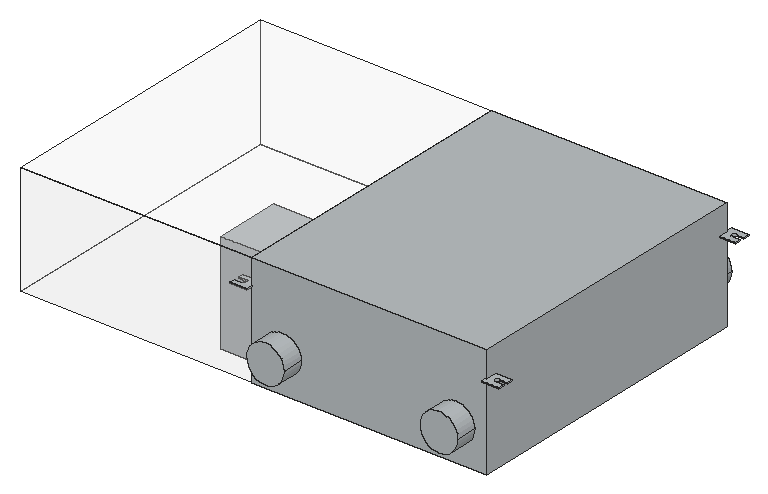
Revit family "lgh-n15_100rx4(d)_60Hz", category 機械設備, Revit 2019
Family settings
  丸型コネクタ寸法 = 直径を使用
  パーツ タイプ = 標準
  OmniClass 番号 = 23.75.10.34.21
  OmniClass タイトル = Heat Exchangers for Ventilation Air
  作業面ベース = いいえ
  常に垂直 = はい
  ロード時にボイドで切り取り = いいえ
  共有 = いいえ
  部屋計算ポイント = はい
Parameters (values of type "LGH-N15RX4")
  騒音レベル(dB(A)) = 29
  風量 = 150.0 m³/h
  面風速 = 5.31 m/s
  電源種別 [instance] = "一般"
  電圧 = 100 V
  電動機出力 = 0 W
  集中コントローラ = ""
  運転質量 = 0.00 kg
  連動 [instance] = ""
  質量 = if(製品質量 > 運転質量, 製品質量, 運転質量) * 1.2  # 26.40 kg
  負荷分類 = 3_ファン類
  説明 = "業務用ロスナイ 天井埋込形"
  設計風量 = 0.0 m³/h
  設置方法 = "天井吊(隠ぺい)形"
  記号 [instance] = ""
  製造元 = "MITSIBISHI ELECTRIC"
  製品質量 = 22.00 kg
  製品出荷対象 = "国内"
  製品リリース年月 = "2023/5/15"
  製品グループ = ""
  系統 [instance] = ""
  符号 = "HEU"
  積算_科目 = "1 空気調和設備"
  積算_拾い区分 [instance] = ""
  相 = 1
  盤記号 [instance] = ""
  発停方法 [instance] = ""
  特殊仕様 [instance] = ""
  点検口高さ = -Height  # -289 mm
  点検口離隔 = 150 mm
  点検口_Depth = 450 mm
  点検口 = yes
  火災停止 [instance] = ""
  温度交換効率 = 74.00%
  消費電力 = 120 W
  法定耐用年数 = "15"
  機外静圧_排気 = 170.0 Pa
  機外静圧 = 170.0 Pa
  極数 = 2
  材質 [instance] = ""
  本体マテリアル = 溶融亜鉛めっき鋼板
  操作・制御方式 = ""
  操作・制御スイッチ = ""
  排気量 = 0.0 m³/h
  形式 = "天井埋込ダクト形"
  幹線記号 [instance] = ""
  対象室 [instance] = ""
  実風量 = 0.0 m³/h
  始動方式 [instance] = "直入"
  天吊金具_径 = 13 mm
  天吊金具_幅 = 20 mm
  外気量 = 設計風量  # 0.0 m³/h
  呼称 = "全熱交換ユニット"
  周波数 = 60 Hz
  天吊金具ピッチ2 = 768 mm
  天吊金具ピッチ1 = 658 mm
  天吊金具_高さ = 65 mm
  参照している仕様書等のバージョン = "公共建築工事標準仕様書（機械設備工事編）平成31年度版"
  初期抵抗 = 0.0 Pa
  分類コード = "50052504100070"
  分類グループ = ""
  価格 = 274000
  企業コード = "108420"
  付属品_フィルター_還気 = ""
  付属品_フィルター = ""
  付属品 [instance] = ""
  仕様書バージョン = "Version1.0"
  モデル = "LGH-N15RX4"
  メンテナンススペース = yes
  ダクト径 = 100 mm
  コメント [instance] = ""
  Keynote = ""
  エンタルピ交換効率_暖房 = 75.50%
  エンタルピ交換効率_冷房 = 64.50%
  Assembly Code = ""
  Width = 610 mm
  Version = ""
  Uniclass2015Version = "Systems v1.9"
  Uniclass2015Title = "Thermal wheels"
  Uniclass2015Code = "Pr_60_60_36_88"
  URL = "https://www.mitsubishielectric.co.jp/ldg/wink/qr/002/324469/"
  SpecificationReference = ""
  SpecificationDescription = ""
  SMAX風量 = 0.0 m³/h
  SMAX静圧 = 0.0 Pa
  SAサイズ_D = 97.5 mm
  Revision = ""
  RAサイズ_D = 97.5 mm
  ProductInformation = ""
  OmniClassCode = "23-27 23 19 11"
  OAダクト接続口方向_標準 = yes
  OAダクト接続口方向_変更 = not(OAダクト接続口方向_標準)  # no
  OAサイズ_W = 0 mm
  OAサイズ_D = 97.5 mm
  MIN風量 = 75.0 m³/h
  MIN静圧 = 42.0 Pa
  MID風量 = 95.0 m³/h
  MID静圧 = 68.0 Pa
  MAX風量 = 150.0 m³/h
  MAX静圧 = 170.0 Pa
  IfcTypeProduct = ""
  IfcProduct = ""
  IfcExportType = "ROTARYWHEEL"
  IfcExportAs = "IfcAirToAirHeatRecoveryType"
  Height = 289 mm
  EAダクト接続口方向_変更 = not(EAダクト接続口方向_標準)  # no
  EAダクト接続口方向_標準 = yes
  EAサイズ_W = 0 mm
  EAサイズ_D = 97.5 mm
  Duct_Pitch = 450 mm
  Duct_Height = 194.5 mm
  Duct_Depth = 54 mm
  DuctChange_Center = 119 mm
  Depth = 780 mm
  Clearance Top = 0 mm
  Clearance Left = 600 mm
  Clearance Bottom = 0 mm
  Box_Width = 115 mm
  Box_Height = 262 mm
  Box_H = 10 mm
  Box_Depth = 172 mm
  Box_D = 45 mm
  Author = "MITSUBISHI ELECTRIC"
Types (14, lengths in mm): name | 騒音レベル(dB(A)) | 風量 | 面風速 | 電圧 | 質量 | 製品質量 | 点検口高さ | 温度交換効率 | 消費電力 | 機外静圧_排気 | 機外静圧 | 極数 | 天吊金具ピッチ2 | 天吊金具ピッチ1 | 天吊金具_高さ | 参照している仕様書等のバージョン | 価格 | モデル | ダクト径 | エンタルピ交換効率_暖房 | エンタルピ交換効率_冷房 | Width | URL | SMAX風量 | SMAX静圧 | SAサイズ_D | RAサイズ_D | OAサイズ_D | MIN風量 | MIN静圧 | MID風量 | MID静圧 | MAX風量 | MAX静圧 | Height | EAサイズ_D | Duct_Pitch | Duct_Height | Duct_Depth | DuctChange_Center | Depth | Box_H | Box_D
  LGH-N15RX4 | 29 | 150.0 m³/h | 5.31 m/s | 100 V | 26.40 kg | 22.00 kg | -289 | 74.00% | 120 W | 170.0 Pa | 170.0 Pa | 2 | 768 | 658 | 65 | "公共建築工事標準仕様書（機械設備工事編）平成31年度版" | 274000 | "LGH-N15RX4" | 100 | 75.50% | 64.50% | 610 | "https://www.mitsubishielectric.co.jp/ldg/wink/qr/002/324469/" | 0.0 m³/h | 0.0 Pa | 97.5 | 97.5 | 97.5 | 75.0 m³/h | 42.0 Pa | 95.0 m³/h | 68.0 Pa | 150.0 m³/h | 170.0 Pa | 289 | 97.5 | 450 | 194.5 | 54 | 119 | 780 | 10 | 45
  LGH-N15RX4D | 29 | 150.0 m³/h | 5.31 m/s | 200 V | 26.40 kg | 22.00 kg | -289 | 74.00% | 126 W | 170.0 Pa | 170.0 Pa | 3 | 768 | 658 | 65 | "公共建築工事標準仕様書（機械設備工事編）平成31年度版" | 274000 | "LGH-N15RX4D" | 100 | 75.50% | 64.50% | 610 | "https://www.mitsubishielectric.co.jp/ldg/wink/qr/002/324470/" | 0.0 m³/h | 0.0 Pa | 97.5 | 97.5 | 97.5 | 80.0 m³/h | 48.0 Pa | 95.0 m³/h | 68.0 Pa | 150.0 m³/h | 170.0 Pa | 289 | 97.5 | 450 | 194.5 | 54 | 119 | 780 | 10 | 45
  LGH-N25RX4 | 30 | 250.0 m³/h | 3.93 m/s | 100 V | 27.60 kg | 23.00 kg | -289 | 70.00% | 142 W | 135.0 Pa | 135.0 Pa | 2 | 768 | 782 | 65 | "公共建築工事標準仕様書（機械設備工事編）平成31年度版" | 298000 | "LGH-N25RX4" | 150 | 73.00% | 63.00% | 735 | "https://www.mitsubishielectric.co.jp/ldg/wink/qr/002/324472/" | 0.0 m³/h | 0.0 Pa | 142 | 142 | 142 | 120.0 m³/h | 31.0 Pa | 145.0 m³/h | 45.0 Pa | 250.0 m³/h | 135.0 Pa | 289 | 142 | 530 | 174.5 | 64 | 102 | 780 | 10 | 45
  LGH-N25RX4D | 30 | 250.0 m³/h | 3.93 m/s | 200 V | 27.60 kg | 23.00 kg | -289 | 70.00% | 142 W | 135.0 Pa | 135.0 Pa | 3 | 768 | 782 | 65 | "公共建築工事標準仕様書（機械設備工事編）平成31年度版" | 298000 | "LGH-N25RX4D" | 150 | 73.00% | 63.00% | 735 | "https://www.mitsubishielectric.co.jp/ldg/wink/qr/002/324473/" | 0.0 m³/h | 0.0 Pa | 142 | 142 | 142 | 110.0 m³/h | 26.0 Pa | 160.0 m³/h | 55.0 Pa | 250.0 m³/h | 135.0 Pa | 289 | 142 | 530 | 174.5 | 64 | 102 | 780 | 10 | 45
  LGH-N35RX4 | 31.5 | 350.0 m³/h | 5.5 m/s | 100 V | 38.40 kg | 32.00 kg | -331 | 71.50% | 243 W | 230.0 Pa | 230.0 Pa | 2 | 875 | 921 | 85 | "公共建築工事標準仕様書（機械設備工事編）平成31年度版" | 329000 | "LGH-N35RX4" | 150 | 76.00% | 64.00% | 874 | "https://www.mitsubishielectric.co.jp/ldg/wink/qr/002/324474/" | 350.0 m³/h | 230.0 Pa | 142 | 142 | 142 | 145.0 m³/h | 30.0 Pa | 195.0 m³/h | 54.0 Pa | 350.0 m³/h | 175.0 Pa | 331 | 142 | 650 | 220.5 | 64 | 124 | 888 | 57.3 | 51.2
  LGH-N35RX4D | 32.5 | 350.0 m³/h | 5.5 m/s | 200 V | 38.40 kg | 32.00 kg | -331 | 71.50% | 225 W | 230.0 Pa | 230.0 Pa | 3 | 875 | 921 | 85 | "公共建築工事標準仕様書（機械設備工事編）平成31年度版" | 329000 | "LGH-N35RX4D" | 150 | 76.00% | 64.00% | 874 | "https://www.mitsubishielectric.co.jp/ldg/wink/qr/002/324475/" | 350.0 m³/h | 230.0 Pa | 142 | 142 | 142 | 155.0 m³/h | 34.0 Pa | 205.0 m³/h | 60.0 Pa | 350.0 m³/h | 175.0 Pa | 331 | 142 | 650 | 220.5 | 64 | 124 | 888 | 57.3 | 51.2
  LGH-N50RX4 | 35 | 500.0 m³/h | 4.42 m/s | 100 V | 43.20 kg | 36.00 kg | -331 | 71.00% | 315 W | 240.0 Pa | 240.0 Pa | 2 | 875 | 1063 | 85 | "公共建築工事標準仕様書（機械設備工事編）平成31年度版" | 403000 | "LGH-N50RX4" | 200 | 73.00% | 63.00% | 1016 | "https://www.mitsubishielectric.co.jp/ldg/wink/qr/002/324476/" | 500.0 m³/h | 240.0 Pa | 192 | 192 | 192 | 205.0 m³/h | 30.0 Pa | 340.0 m³/h | 83.0 Pa | 500.0 m³/h | 180.0 Pa | 331 | 192 | 745 | 195.5 | 79 | 124 | 888 | 57.3 | 51.2
  LGH-N50RX4D | 36 | 500.0 m³/h | 4.42 m/s | 200 V | 43.20 kg | 36.00 kg | -331 | 71.00% | 310 W | 240.0 Pa | 240.0 Pa | 3 | 875 | 1063 | 85 | "公共建築工事標準仕様書（機械設備工事編）平成31年度版" | 403000 | "LGH-N50RX4D" | 200 | 73.00% | 63.00% | 1016 | "https://www.mitsubishielectric.co.jp/ldg/wink/qr/002/324477/" | 500.0 m³/h | 240.0 Pa | 192 | 192 | 192 | 230.0 m³/h | 38.0 Pa | 300.0 m³/h | 65.0 Pa | 500.0 m³/h | 180.0 Pa | 331 | 192 | 745 | 195.5 | 79 | 124 | 888 | 57.3 | 51.2
  LGH-N65RX4 | 38 | 650.0 m³/h | 5.75 m/s | 100 V | 57.60 kg | 48.00 kg | -404 | 71.50% | 505 W | 255.0 Pa | 255.0 Pa | 2 | 895 | 1001 | 70 | "公共建築工事標準仕様書（機械設備工事編）平成31年度版" | 542000 | "LGH-N65RX4" | 200 | 72.00% | 63.00% | 954 | "https://www.mitsubishielectric.co.jp/ldg/wink/qr/002/324478/" | 650.0 m³/h | 255.0 Pa | 192 | 192 | 192 | 300.0 m³/h | 45.0 Pa | 430.0 m³/h | 92.0 Pa | 650.0 m³/h | 210.0 Pa | 404 | 192 | 692 | 242 | 79 | 124 | 908 | 71.3 | 44.3
  LGH-N65RX4D | 38.5 | 650.0 m³/h | 5.75 m/s | 200 V | 57.60 kg | 48.00 kg | -404 | 71.50% | 515 W | 255.0 Pa | 255.0 Pa | 3 | 895 | 1001 | 70 | "公共建築工事標準仕様書（機械設備工事編）平成31年度版" | 542000 | "LGH-N65RX4D" | 200 | 72.00% | 63.00% | 954 | "https://www.mitsubishielectric.co.jp/ldg/wink/qr/002/324479/" | 650.0 m³/h | 255.0 Pa | 192 | 192 | 192 | 320.0 m³/h | 51.0 Pa | 470.0 m³/h | 110.0 Pa | 650.0 m³/h | 210.0 Pa | 404 | 192 | 692 | 242 | 79 | 124 | 908 | 71.3 | 44.3
  LGH-N80RX4 | 35.5 | 800.0 m³/h | 4.53 m/s | 100 V | 69.60 kg | 58.00 kg | -404 | 73.00% | 550 W | 250.0 Pa | 250.0 Pa | 2 | 1131 | 1051 | 77 | "公共建築工事標準仕様書（機械設備工事編）平成31年度版" | 646000 | "LGH-N80RX4" | 250 | 75.00% | 65.00% | 1004 | "https://www.mitsubishielectric.co.jp/ldg/wink/qr/002/324480/" | 800.0 m³/h | 250.0 Pa | 242 | 242 | 242 | 340.0 m³/h | 33.0 Pa | 580.0 m³/h | 95.0 Pa | 800.0 m³/h | 180.0 Pa | 404 | 242 | 690 | 242 | 79 | 165 | 1144 | 125 | 144
  LGH-N80RX4D | 35.5 | 800.0 m³/h | 4.53 m/s | 200 V | 69.60 kg | 58.00 kg | -404 | 73.00% | 520 W | 250.0 Pa | 250.0 Pa | 3 | 1131 | 1051 | 77 | "公共建築工事標準仕様書（機械設備工事編）平成31年度版" | 646000 | "LGH-N80RX4D" | 250 | 75.00% | 65.00% | 1004 | "https://www.mitsubishielectric.co.jp/ldg/wink/qr/002/324481/" | 800.0 m³/h | 250.0 Pa | 242 | 242 | 242 | 350.0 m³/h | 34.0 Pa | 580.0 m³/h | 95.0 Pa | 800.0 m³/h | 180.0 Pa | 404 | 242 | 690 | 242 | 79 | 165 | 1144 | 125 | 144
  LGH-N100RX4 | 37 | 1000.0 m³/h | 5.66 m/s | 100 V | 76.80 kg | 64.00 kg | -404 | 73.00% | 695 W | 220.0 Pa | 220.0 Pa | 2 | 1131 | 1278 | 77 | "" | 737000 | "LGH-N100RX4" | 250 | 75.00% | 65.00% | 1231 | "https://www.mitsubishielectric.co.jp/ldg/wink/qr/002/324466/" | 1000.0 m³/h | 220.0 Pa | 242 | 242 | 242 | 420.0 m³/h | 25.0 Pa | 680.0 m³/h | 65.0 Pa | 1000.0 m³/h | 140.0 Pa | 404 | 242 | 917 | 242 | 79 | 165 | 1144 | 125 | 144
  LGH-N100RX4D | 37 | 1000.0 m³/h | 5.66 m/s | 200 V | 76.80 kg | 64.00 kg | -404 | 73.00% | 695 W | 220.0 Pa | 220.0 Pa | 3 | 1131 | 1278 | 77 | "" | 737000 | "LGH-N100RX4D" | 250 | 75.00% | 65.00% | 1231 | "https://www.mitsubishielectric.co.jp/ldg/wink/qr/002/324467/" | 1000.0 m³/h | 220.0 Pa | 242 | 242 | 242 | 365.0 m³/h | 19.0 Pa | 680.0 m³/h | 65.0 Pa | 1000.0 m³/h | 140.0 Pa | 404 | 242 | 917 | 242 | 79 | 165 | 1144 | 125 | 144
Reference planes
  plane 1 "中心(正面/背面)": y = 0
  plane 2: z = 0
  plane 3 "中心(左/右)": x = 0
  plane 4: x = -305
  plane 5: x = 305
  plane 6: y = 390
  plane 7: y = -390
  plane 8: z = -289
  plane 9: z = -194.5
  plane 10: x = -225
  plane 11: x = 225
  plane 12: y = -444
  plane 13: y = 444
  plane 14: y = 271
  plane 15: x = -359
  plane 16: x = 359
  plane 17: x = -905
  plane 18: y = -345
  plane 19: y = -173
  plane 20: z = -10
  plane 21: z = -272
  plane 22: x = -420
  plane 23: x = -455
  plane 24: y = 225
  plane 25: x = -329
  plane 26: x = 329
  plane 27: y = 384
  plane 28: y = -384
  plane 29: y = -225
  plane 30: x = -349
  plane 31: y = 404
  plane 32: y = 364
  plane 33: y = -364
  plane 34: y = -404
  plane 35: z = -5
  plane 36: z = -65
  plane 37: z = -68
  plane 38: x = 349
  plane 39: z = 0
  plane 40: z = -289
Forms (mm)
  Extrusion 1, solid, material "溶融亜鉛めっき鋼板" <- "本体マテリアル", detail levels fine
    sketch origin (0, 0, 0) x (1, 0, 0) y (0, 1, 0)
      loop
        line (-305, 390) -> (-305, -390) -> (305, -390) -> (305, 390) -> (-305, 390)
    from 0 to -289
  Extrusion 2, solid, material "溶融亜鉛めっき鋼板" <- "本体マテリアル", detail levels fine
    sketch origin (510, -445, 0) x (-1, 0, 0) y (0, 0, -1)
      loop
        circle (285, 194.5) r 48.75
    from -55 to -1
  Extrusion 3, solid, material "溶融亜鉛めっき鋼板" <- "本体マテリアル", detail levels fine
    sketch origin (-305, -390, 0) x (0, 1, 0) y (0, 0, -1)
      loop
        line (217, 10) -> (217, 272) -> (45, 272) -> (45, 10) -> (217, 10)
    from 0 to 115
  Extrusion 4, solid, material "溶融亜鉛めっき鋼板" <- "本体マテリアル", detail levels fine
    sketch origin (0, 0, 0) x (1, 0, 0) y (0, 1, 0)
      loop
        line (-349, 404) -> (-349, 390.5) -> (-329, 390.5)
        arc (-329, 390.5) -> (-322.5, 384) -> (-329, 377.5) r 6.5
        line (-329, 377.5) -> (-349, 377.5) -> (-349, 364) -> (-305, 364) -> (-305, 404) -> (-349, 404)
    from -65 to -68
  Extrusion 5, solid, material "溶融亜鉛めっき鋼板" <- "本体マテリアル", detail levels fine
    sketch origin (0, 0, 0) x (1, 0, 0) y (0, 1, 0)
      loop
        line (-349, -404) -> (-305, -404) -> (-305, -364) -> (-349, -364) -> (-349, -377.5) -> (-329, -377.5)
        arc (-329, -377.5) -> (-322.5, -384) -> (-329, -390.5) r 6.5
        line (-329, -390.5) -> (-349, -390.5) -> (-349, -404)
    from -65 to -68
  Extrusion 6, solid, material "溶融亜鉛めっき鋼板" <- "本体マテリアル", detail levels fine
    sketch origin (0, 0, 0) x (-1, 0, 0) y (0, -1, 0)
      loop
        line (-349, 404) -> (-349, 390.5) -> (-329, 390.5)
        arc (-329, 390.5) -> (-322.5, 384) -> (-329, 377.5) r 6.5
        line (-329, 377.5) -> (-349, 377.5) -> (-349, 364) -> (-305, 364) -> (-305, 404) -> (-349, 404)
    from -65 to -68
  Extrusion 7, solid, material "溶融亜鉛めっき鋼板" <- "本体マテリアル", detail levels fine
    sketch origin (0, 0, 0) x (-1, 0, 0) y (0, -1, 0)
      loop
        line (-349, -404) -> (-305, -404) -> (-305, -364) -> (-349, -364) -> (-349, -377.5) -> (-329, -377.5)
        arc (-329, -377.5) -> (-322.5, -384) -> (-329, -390.5) r 6.5
        line (-329, -390.5) -> (-349, -390.5) -> (-349, -404)
    from -65 to -68
  Extrusion 8, solid, material "溶融亜鉛めっき鋼板" <- "本体マテリアル", visible <- "EAダクト接続口方向_標準", detail levels fine
    sketch origin (510, 445, 0) x (-1, 0, 0) y (0, 0, 1)
      loop
        circle (285, -194.5) r 48.75
    from -55 to -1
  Extrusion 9, solid, material "溶融亜鉛めっき鋼板" <- "本体マテリアル", visible <- "OAダクト接続口方向_標準", detail levels fine
    sketch origin (-510, 445, 0) x (1, 0, 0) y (0, 0, -1)
      loop
        circle (285, 194.5) r 48.75
    from -55 to -1
  Extrusion 10, solid, material "溶融亜鉛めっき鋼板" <- "本体マテリアル", detail levels fine
    sketch origin (-510, -445, 0) x (1, 0, 0) y (0, 0, 1)
      loop
        circle (285, -194.5) r 48.75
    from -55 to -1
  Extrusion 11, solid, material "溶融亜鉛めっき鋼板" <- "本体マテリアル", visible <- "EAダクト接続口方向_変更", detail levels fine
    sketch origin (0, 0, 0) x (0, 1, 0) y (0, 0, 1)
      loop
        circle (271, -194.5) r 48.75
    from 305 to 359
  Extrusion 12, solid, material "溶融亜鉛めっき鋼板" <- "本体マテリアル", visible <- "OAダクト接続口方向_変更", detail levels fine
    sketch origin (0, 0, 0) x (0, 1, 0) y (0, 0, -1)
      loop
        circle (271, 194.5) r 48.75
    from 305 to 359
Lines and regions (mm)
  Masking region 1, detail levels coarse+medium
    outline origin (1326.5, 29, 0) x (1, 0, 0) y (0, 1, 0)
      loop
        line (-1631.5, 361) -> (-1631.5, -419) -> (-1021.5, -419) -> (-1021.5, 361) -> (-1631.5, 361)
  symbolic lines, detail levels coarse+medium
    curve 1: line (0, 390, 0) -> (-305, 0, 0)
    curve 2: line (-305, 0, 0) -> (0, -390, 0)
    curve 3: line (0, -390, 0) -> (305, 0, 0)
    curve 4: line (305, 0, 0) -> (0, 390, 0)
Dimensions and locks
  equal spacing: plane 4, plane 3 "中心(左/右)", plane 5
  "Width": plane 4 to plane 5
  equal spacing: plane 6, plane 1 "中心(正面/背面)", plane 7
  "Depth": plane 6 to plane 7
  "Height": level to plane 8
  "Duct_Height": level to plane 9
  equal spacing: plane 11, plane 3 "中心(左/右)", plane 10
  "Duct_Pitch": plane 11 to plane 10
  "Duct_Depth": plane 13 to plane 6
  "Duct_Depth": plane 7 to plane 12
  "DuctChange_Center": plane 6 to plane 14
  "Duct_Depth": plane 5 to plane 16
  "Duct_Depth": plane 15 to plane 4
  "Clearance Left": plane 17 to plane 4
  "Box_H": level to plane 20
  "Box_Height": plane 20 to plane 21
  "Box_D": plane 18 to plane 7
  "Box_Depth": plane 19 to plane 18
  "Box_Width": plane 22 to plane 4
  "点検口離隔": plane 23 to plane 4
  equal spacing: plane 25, plane 3 "中心(左/右)", plane 26
  "天吊金具ピッチ1": plane 25 to plane 26
  equal spacing: plane 27, plane 1 "中心(正面/背面)", plane 28
  "天吊金具ピッチ2": plane 27 to plane 28
  equal spacing: plane 24, plane 1 "中心(正面/背面)", plane 29
  "点検口_Depth": plane 24 to plane 29
  equal spacing: plane 31, plane 27, plane 32
  locked: plane 31 to plane 32 at 40
  "天吊金具_幅": plane 30 to plane 25
  "天吊金具_高さ": level to plane 36
  locked: plane 36 to plane 37 at 3
  equal spacing: plane 33, plane 28, plane 34
  locked: plane 33 to plane 34 at 40
  "天吊金具_幅": plane 26 to plane 38
  "Clearance Top": plane 39 to level
  "Clearance Bottom": plane 8 to plane 40
  "RAサイズ_D": diameter of Extrusion 2 sketch curve
  "EAサイズ_D": diameter of Extrusion 8 sketch curve
  "OAサイズ_D": diameter of Extrusion 9 sketch curve
  "SAサイズ_D": diameter of Extrusion 10 sketch curve
  "EAサイズ_D": diameter of Extrusion 11 sketch curve
  "EAサイズ_D": diameter of Extrusion 12 sketch curve
  "天吊金具_径": diameter of Extrusion 7 sketch curve
  "天吊金具_径": diameter of Extrusion 4 sketch curve
  "天吊金具_径": diameter of Extrusion 5 sketch curve
  "天吊金具_径": diameter of Extrusion 6 sketch curve
  aligned and locked: level to plane 2
  aligned and locked: Extrusion 1 to plane 8
  aligned and locked: plane 7 to Extrusion 2
  aligned and locked: Extrusion 2 to plane 12
  aligned and locked: plane 17 to nested 1
  aligned and locked: plane 4 to nested 1
  aligned and locked: nested 1 to plane 6
  aligned and locked: nested 1 to plane 7
  aligned and locked: Extrusion 3 to plane 22
  aligned and locked: plane 4 to Extrusion 3
  aligned and locked: Masking region 1 to plane 4
  aligned and locked: plane 5 to Masking region 1
  aligned and locked: plane 6 to Masking region 1
  aligned and locked: Masking region 1 to plane 7
  aligned and locked: plane 26 to nested 2
  aligned and locked: plane 25 to nested 2
  aligned and locked: nested 2 to plane 28
  aligned and locked: plane 27 to nested 2
  aligned and locked: Extrusion 3 to plane 19
  aligned and locked: Extrusion 3 to plane 21
  aligned and locked: plane 20 to Extrusion 3
  aligned and locked: plane 18 to Extrusion 3
  aligned and locked: plane 23 to nested 3
  aligned and locked: plane 17 to nested 3
  aligned and locked: plane 24 to nested 3
  aligned and locked: nested 3 to plane 29
  aligned and locked: plane 4 to Extrusion 4
  aligned and locked: Extrusion 4 to plane 30  (x2)
  aligned and locked: plane 31 to Extrusion 4
  aligned and locked: Extrusion 4 to plane 36
  aligned and locked: Extrusion 4 to plane 37
  aligned and locked: plane 4 to Extrusion 5
  aligned and locked: plane 33 to Extrusion 5
  aligned and locked: Extrusion 5 to plane 34
  aligned and locked: Extrusion 5 to plane 30  (x2)
  aligned and locked: Extrusion 5 to Extrusion 4  (x2)
  aligned and locked: Extrusion 7 to plane 38  (x2)
  aligned and locked: Extrusion 7 to plane 32
  aligned and locked: plane 31 to Extrusion 7
  aligned and locked: Extrusion 6 to plane 38
  aligned and locked: Extrusion 6 to plane 34
  aligned and locked: Extrusion 6 to plane 5
  aligned and locked: plane 33 to Extrusion 6
  aligned and locked: Extrusion 6 to plane 37
  aligned and locked: plane 36 to Extrusion 6
  aligned and locked: Extrusion 7 to plane 37
  aligned and locked: plane 36 to Extrusion 7
  aligned and locked: plane 13 to Extrusion 8
  aligned and locked: Extrusion 8 to plane 6
  aligned and locked: plane 13 to Extrusion 9
  aligned and locked: Extrusion 9 to plane 6
  aligned and locked: Extrusion 10 to plane 12
  aligned and locked: plane 7 to Extrusion 10
  aligned and locked: plane 16 to Extrusion 11
  aligned and locked: Extrusion 11 to plane 5
  aligned and locked: plane 4 to Extrusion 12
  aligned and locked: Extrusion 12 to plane 15
  aligned and locked: Extrusion 7 sketch curve to Extrusion 7 sketch curve
  aligned and locked: plane 38 to Extrusion 7 sketch curve
  aligned and locked: plane 25 to Extrusion 4 sketch curve
  aligned and locked: plane 30 to Extrusion 5 sketch curve
  aligned and locked: plane 26 to Extrusion 6 sketch curve
  aligned and locked: plane 40 to nested 1
  aligned and locked: plane 39 to nested 1
Automatic sketch dimensions
  plane 1 "中心(正面/背面)" to curve 1 = 0 mm
  curve 1 to plane 4 = 0 mm
  curve 2 to plane 3 "中心(左/右)" = 0 mm
  curve 4 to plane 3 "中心(左/右)" = 0 mm
  plane 1 "中心(正面/背面)" to curve 4 = 0 mm
  curve 4 to plane 5 = 0 mm
  curve 2 to plane 7 = 0 mm
  curve 4 to plane 6 = 0 mm
  Extrusion 1 sketch curve to plane 4 = 0 mm
  Extrusion 1 sketch curve to plane 5 = 0 mm
  Extrusion 1 sketch curve to plane 7 = 0 mm
  Extrusion 1 sketch curve to plane 6 = 0 mm
  Extrusion 2 sketch curve to plane 9 = 0 mm
  Extrusion 2 sketch curve to plane 11 = 0 mm
  Extrusion 3 sketch curve to Extrusion 1 = 45 mm
  Extrusion 1 to Extrusion 3 sketch curve = 17 mm
  Extrusion 3 sketch curve to Extrusion 3 sketch curve = 172 mm
  Extrusion 1 to Extrusion 3 sketch curve = 10 mm
  Masking region 1 sketch curve to plane 4 = 0 mm
  Masking region 1 sketch curve to plane 5 = 0 mm
  Masking region 1 sketch curve to plane 7 = 0 mm
  Masking region 1 sketch curve to plane 6 = 0 mm
  Extrusion 8 sketch curve to plane 9 = 0 mm
  Extrusion 8 sketch curve to plane 11 = 0 mm
  Extrusion 9 sketch curve to plane 9 = 0 mm
  Extrusion 9 sketch curve to plane 10 = 0 mm
  Extrusion 10 sketch curve to plane 9 = 0 mm
  Extrusion 10 sketch curve to plane 10 = 0 mm
  Extrusion 11 sketch curve to plane 9 = 0 mm
  Extrusion 11 sketch curve to plane 14 = 0 mm
  Extrusion 12 sketch curve to plane 9 = 0 mm
  Extrusion 12 sketch curve to plane 14 = 0 mm
  Extrusion 7 sketch curve to plane 26 = 0 mm
  Extrusion 7 sketch curve to plane 5 = 0 mm
  Extrusion 7 sketch curve to plane 32 = 0 mm
  Extrusion 7 sketch curve to plane 27 = 0 mm
  Extrusion 7 sketch curve to plane 31 = 0 mm
  Extrusion 4 sketch curve to plane 30 = 0 mm  (x2)
  Extrusion 4 sketch curve to plane 25 = 0 mm
  Extrusion 4 sketch curve to plane 4 = 0 mm
  Extrusion 4 sketch curve to plane 32 = 0 mm
  Extrusion 4 sketch curve to plane 27 = 0 mm
  Extrusion 4 sketch curve to plane 31 = 0 mm
  Extrusion 5 sketch curve to plane 30 = 0 mm
  Extrusion 5 sketch curve to plane 25 = 0 mm
  Extrusion 5 sketch curve to plane 4 = 0 mm
  Extrusion 5 sketch curve to plane 33 = 0 mm
  Extrusion 5 sketch curve to plane 28 = 0 mm
  Extrusion 5 sketch curve to plane 34 = 0 mm
  Extrusion 6 sketch curve to plane 34 = 0 mm
  Extrusion 6 sketch curve to plane 38 = 0 mm  (x2)
  Extrusion 6 sketch curve to plane 5 = 0 mm
  Extrusion 6 sketch curve to plane 33 = 0 mm
  Extrusion 6 sketch curve to plane 28 = 0 mm
Nested families
  nested 1: "メンテナンススペース" at (-605, 0, -144.5), visible <- "メンテナンススペース", type "メンテナンススペース"
    with Width 600 mm, Height 289 mm, Depth 780 mm
  nested 2: "固定点" at (-329, -384, 0), type "固定点"
    with W 658 mm, D 768 mm
  nested 3: "点検口設置範囲" at (-680, 0, -289), built-in parameter 1001364 <- "点検口高さ", visible <- "点検口", type "点検口設置範囲"
    with Width 450 mm, Depth 450 mm
Connectors
  hvac at (225, -444, -194.5), driven by "ダクト径", driven by "機外静圧", driven by "風量"
    settings: on Extrusion 2, index 2, duct flow 150.0 m³/h, flow factor 0, pres drop 170.0 Pa, loss coef 0, conn angle 0.00°, conn width 304.8 mm, conn height 304.8 mm, conn diameter 100 mm, duct sys type 2, conn prof type 0, flow config 0, flow direction 1, loss method 4, conn ref index -1, conn util no, is conn primary yes, conn desc ""
  electrical at (-362.5, -345, -141), driven by "負荷分類", driven by "相", driven by "電圧", driven by "消費電力"
    settings: on Extrusion 3, index 7, voltage 100 V, apparent load 120 VA, apparent load phase1 0 VA, apparent load phase2 0 VA, apparent load phase3 0 VA, power factor 1, load classification "3_ファン類", number of poles 1, system type 30, power factor state 1, is connector primary yes, connector utility no, sub classification motor no, connector description ""
  hvac at (225, 444, -194.5), driven by "ダクト径", driven by "排気量", driven by "機外静圧_排気"
    settings: on Extrusion 8, index 8, duct flow 0.0 m³/h, flow factor 0, pres drop 170.0 Pa, loss coef 0, conn angle 0.00°, conn width 304.8 mm, conn height 304.8 mm, conn diameter 100 mm, duct sys type 3, conn prof type 0, flow config 0, flow direction 2, loss method 4, conn ref index -1, conn util no, is conn primary no, conn desc ""
  hvac at (-225, 444, -194.5), driven by "ダクト径", driven by "外気量", driven by "機外静圧"
    settings: on Extrusion 9, index 9, duct flow 0.0 m³/h, flow factor 0, pres drop 170.0 Pa, loss coef 0, conn angle 0.00°, conn width 304.8 mm, conn height 304.8 mm, conn diameter 100 mm, duct sys type 4, conn prof type 0, flow config 0, flow direction 1, loss method 4, conn ref index -1, conn util no, is conn primary no, conn desc ""
  hvac at (-225, -444, -194.5), driven by "ダクト径", driven by "風量", driven by "機外静圧"
    settings: on Extrusion 10, index 10, duct flow 150.0 m³/h, flow factor 0, pres drop 170.0 Pa, loss coef 0, conn angle 0.00°, conn width 304.8 mm, conn height 304.8 mm, conn diameter 100 mm, duct sys type 1, conn prof type 0, flow config 0, flow direction 2, loss method 4, conn ref index -1, conn util no, is conn primary no, conn desc ""
  hvac at (359, 271, -194.5), driven by "ダクト径", driven by "機外静圧_排気", driven by "排気量"
    settings: on Extrusion 11, index 11, duct flow 0.0 m³/h, flow factor 0, pres drop 170.0 Pa, loss coef 0, conn angle 0.00°, conn width 304.8 mm, conn height 304.8 mm, conn diameter 100 mm, duct sys type 3, conn prof type 0, flow config 0, flow direction 2, loss method 4, conn ref index -1, conn util no, is conn primary no, conn desc ""
  hvac at (-359, 271, -194.5), driven by "ダクト径", driven by "機外静圧", driven by "外気量"
    settings: on Extrusion 12, index 12, duct flow 0.0 m³/h, flow factor 0, pres drop 170.0 Pa, loss coef 0, conn angle 0.00°, conn width 304.8 mm, conn height 304.8 mm, conn diameter 100 mm, duct sys type 4, conn prof type 0, flow config 0, flow direction 1, loss method 4, conn ref index -1, conn util no, is conn primary no, conn desc ""
Definition of nested family "メンテナンススペース"
  Parameters (values of type "メンテナンススペース")
    Width [instance] = 500 mm
    Height [instance] = 500 mm
    Depth [instance] = 500 mm
  Reference planes
    plane 1 "中心(正面/背面)": y = 0
    plane 2: z = 0
    plane 3 "中心(左/右)": x = 0
    plane 4: y = -250
    plane 5: x = 250
    plane 6: y = 250
    plane 7: x = -250
    plane 8: z = 250
    plane 9: z = -250
  Forms (mm)
    Extrusion 1, solid
      sketch origin (-638.939, 0, 72.39) x (1, 0, 0) y (0, 1, 0)
        loop
          line (388.939, 250) -> (388.939, -250) -> (888.939, -250) -> (888.939, 250) -> (388.939, 250)
      from -322.39 to 177.61
  Lines and regions (mm)
    symbolic lines
      curve 1: line (-250, 0, 250) -> (250, 0, 250)
      curve 2: line (-250, 0, -250) -> (-250, 0, 250)
      curve 3: line (250, 0, -250) -> (-250, 0, -250)
      curve 4: line (250, 0, 250) -> (250, 0, -250)
      curve 5: line (0, -250, 250) -> (0, 250, 250)
      curve 6: line (0, -250, -250) -> (0, -250, 250)
      curve 7: line (0, 250, -250) -> (0, -250, -250)
      curve 8: line (0, 250, 250) -> (0, 250, -250)
      curve 9: line (-250, 250, 0) -> (250, 250, 0)
      curve 10: line (-250, -250, 0) -> (-250, 250, 0)
      curve 11: line (250, -250, 0) -> (-250, -250, 0)
      curve 12: line (250, 250, 0) -> (250, -250, 0)
  Dimensions and locks
    equal spacing: plane 7, plane 3 "中心(左/右)", plane 5
    equal spacing: plane 4, plane 1 "中心(正面/背面)", plane 6
    "Depth": plane 4 to plane 6
    "Width": plane 7 to plane 5
    equal spacing: plane 8, plane 2, plane 9
    "Height": plane 8 to plane 9
    aligned and locked: plane 9 to curve 3
    aligned and locked: plane 7 to curve 2
    aligned and locked: curve 4 to plane 5
    aligned and locked: plane 5 to Extrusion 1
    aligned and locked: Extrusion 1 to plane 7
    aligned and locked: Extrusion 1 to plane 9
    aligned and locked: plane 8 to Extrusion 1
    aligned and locked: plane 9 to curve 7
  Automatic sketch dimensions
    plane 4 to Extrusion 1 sketch curve = 0 mm
    Extrusion 1 sketch curve to plane 7 = 0 mm
    Extrusion 1 sketch curve to plane 5 = 0 mm
    plane 6 to Extrusion 1 sketch curve = 0 mm
    curve 2 to plane 8 = 0 mm
    plane 4 to curve 11 = 0 mm
    curve 11 to plane 7 = 0 mm
    curve 11 to plane 5 = 0 mm
    plane 6 to curve 10 = 0 mm
    curve 7 to plane 4 = 0 mm
    curve 7 to plane 6 = 0 mm
    curve 6 to plane 8 = 0 mm
Definition of nested family "固定点"
  Parameters (values of type "固定点")
    中心円 = 20 mm
    W [instance] = 1000 mm
    D [instance] = 1000 mm
  Reference planes
    plane 1 "中心(正面/背面)": y = 0
    plane 2: z = 0
    plane 3 "中心(左/右)": x = 0
    plane 4: x = 1000
    plane 5: y = 1000
  Lines and regions (mm)
    symbolic lines, detail levels fine
      curve 1: circle (0, 1000, 0) r 10 normal (0, 0, 1)
      curve 2: circle (0, 0, 0) r 10 normal (0, 0, 1)
      curve 3: circle (1000, 1000, 0) r 10 normal (0, 0, 1)
      curve 4: circle (1000, 0, 0) r 10 normal (0, 0, 1)
      curve 5: line (-200, 1000, 0) -> (1200, 1000, 0)
      curve 6: line (-200, 0, 0) -> (1200, 0, 0)
      curve 7: line (0, 1200, 0) -> (0, -200, 0)
      curve 8: line (1000, 1200, 0) -> (1000, -200, 0)
  Dimensions and locks
    "W": plane 3 "中心(左/右)" to plane 4
    "D": plane 1 "中心(正面/背面)" to plane 5
    "中心円": diameter of curve 1
    "中心円": diameter of curve 2
    "中心円": diameter of curve 3
    "中心円": diameter of curve 4
    aligned and locked: level to plane 2
    aligned and locked: plane 5 to curve 1
    aligned and locked: plane 3 "中心(左/右)" to curve 1
    aligned and locked: plane 3 "中心(左/右)" to curve 2
    aligned and locked: plane 1 "中心(正面/背面)" to curve 2
    aligned and locked: plane 4 to curve 3
    aligned and locked: plane 5 to curve 3
    aligned and locked: plane 1 "中心(正面/背面)" to curve 4
    aligned and locked: plane 4 to curve 4
    aligned and locked: plane 1 "中心(正面/背面)" to curve 6
    aligned and locked: curve 7 to plane 3 "中心(左/右)"
    aligned and locked: curve 8 to plane 4
  Automatic sketch dimensions
    curve 5 to plane 5 = 0 mm
    curve 6 to plane 3 "中心(左/右)" = 200 mm
    curve 5 to plane 3 "中心(左/右)" = 200 mm
    curve 4 to curve 6 = 200 mm
    curve 3 to curve 5 = 200 mm
    plane 1 "中心(正面/背面)" to curve 8 = 200 mm
    plane 1 "中心(正面/背面)" to curve 7 = 200 mm
    curve 3 to curve 8 = 200 mm
    curve 1 to curve 7 = 200 mm
Definition of nested family "点検口設置範囲"
  Parameters (values of type "点検口設置範囲")
    Width [instance] = 1000 mm
    Depth [instance] = 700 mm
  Reference planes
    plane 1 "中心(正面/背面)": y = 0
    plane 2: z = 0
    plane 3 "中心(左/右)": x = 0
    plane 4: x = -500
    plane 5: x = 500
    plane 6: y = -350
    plane 7: y = 350
  Lines and regions (mm)
    model lines
      curve 1: line (-500, 350, 0) -> (500, 350, 0)
      curve 2: line (-500, -350, 0) -> (-500, 350, 0)
      curve 3: line (500, -350, 0) -> (-500, -350, 0)
      curve 4: line (500, 350, 0) -> (500, -350, 0)
  Dimensions and locks
    "Depth": plane 7 to plane 6
    "Width": plane 4 to plane 5
    equal spacing: plane 7, plane 1 "中心(正面/背面)", plane 6
    equal spacing: plane 4, plane 3 "中心(左/右)", plane 5
    aligned and locked: level to plane 2
    aligned and locked: plane 4 to curve 2
    aligned and locked: curve 1 to plane 7
    aligned and locked: curve 4 to plane 5
    aligned and locked: plane 6 to curve 3
